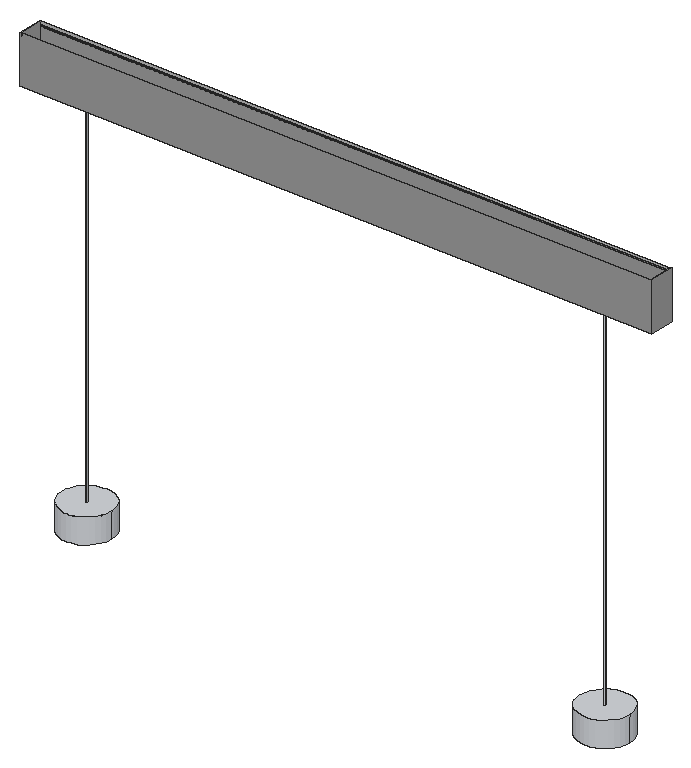
Revit family "MAG_Straight_Magnetic_Track_Profile", category Lighting Fixtures, host Face, Revit 2022
Family settings
  Host = Face
  Round Connector Dimension = Use Diameter
  Part Type = Normal
  Cut with Voids When Loaded = Yes
  Light Source = No
  Maintain Annotation Orientation = No
  Shared = No
  Room Calculation Point = No
Parameters (values of type "Magnetic Track Profile_1M_24V_Pendant Mount")
  Model = "MTS1M-24V-PMK-BK"
  Manufacturer = "Above All Lighting"  # constant formula
  Length [instance] = 3' - 3 77/128"
  Lamp = ""
  Input Voltage = "24V DC"
  Description = "Magnetic Track Profile"
  Default Elevation = 0' - 0"
  Cable Length [instance] = 3' - 11.24"
Types (4): name | Length
  (no name) | 3' - 3 77/128"
  Magnetic Track Profile_1M_24V_Pendant Mount | 3' - 3 77/128"
  Magnetic Track Profile_2M_24V_Pendant Mount | 6' - 6 77/128"
  Magnetic Track Profile_3M_24V_Pendant Mount | 9' - 10 13/128"
Reference planes (in)
  plane 1 "Center (Front/Back)": y = 0
  plane 2: z = 0
  plane 3 "Center (Left/Right)": x = 0
  plane 4: x = -19.80078
  plane 5: x = 19.80078
Forms (in)
  Extrusion 1, solid
    sketch origin (-18, 0, 0) x (1, 0, 0) y (0, 1, 0)
      loop
        circle (1.74651, 0) r 1.575
    from 0 to 1.57
  Extrusion 2, solid, material "Default"
    sketch origin (-19.6, 0, 74.24) x (0, -1, 0) y (0, 0, -1)
      loop
        line (0.77, 50.24) -> (0.33361, 50.24) -> (0.33361, 50.11361) -> (0.6281, 50.11361) -> (0.6281, 49.91276) -> (0.43711, 49.91276) -> (0.43711, 49.9719) -> (0.33361, 49.9719) -> (0.33361, 49.91276) -> (0, 49.91276) -> (-0.33361, 49.91276) -> (-0.33361, 49.9719) -> (-0.43711, 49.9719) -> (-0.43711, 49.91276) -> (-0.6281, 49.91276) -> (-0.6281, 50.11361) -> (-0.33361, 50.11361) -> (-0.33361, 50.24) -> (-0.77, 50.24) -> (-0.77, 47.24) -> (-0.66683, 47.34317) -> (-0.71119, 47.34317) -> (-0.71119, 47.44936) -> (-0.66808, 47.44936) -> (-0.66808, 49.44) -> (-0.49256, 49.44) -> (-0.49256, 49.52461) -> (-0.6281, 49.52461) -> (-0.6281, 49.5739) -> (-0.54308, 49.5739) -> (-0.47161, 49.5739) -> (-0.47161, 49.65892) -> (-0.6281, 49.65892) -> (-0.6281, 49.7883) -> (0, 49.7883) -> (0.6281, 49.7883) -> (0.6281, 49.65892) -> (0.47161, 49.65892) -> (0.47161, 49.5739) -> (0.54308, 49.5739) -> (0.6281, 49.5739) -> (0.6281, 49.52461) -> (0.49256, 49.52461) -> (0.49256, 49.44) -> (0.66808, 49.44) -> (0.66808, 47.44936) -> (0.71119, 47.44936) -> (0.71119, 47.34317) -> (0.66683, 47.34317) -> (0.77, 47.24) -> (0.77, 50.24)
    from -0.12266 to 39.32266
  Extrusion 3, void
    sketch origin (0, 0, 24.32724) x (0, -1, 0) y (1, 0, 0)
      loop
        line (0.12289, -17.62824) -> (0.12289, -17.44332)
        arc (0.12289, -17.44332) -> (-0.00211, -17.31832) -> (-0.12711, -17.44332) r 0.125
        line (-0.12711, -17.44332) -> (-0.12711, -17.62824)
        arc (-0.12711, -17.62824) -> (-0.00211, -17.75324) -> (0.12289, -17.62824) r 0.125
      loop
        arc (0.12289, 17.62824) -> (-0.00211, 17.75324) -> (-0.12711, 17.62824) r 0.125
        line (-0.12711, 17.62824) -> (-0.12711, 17.44332)
        arc (-0.12711, 17.44332) -> (-0.00211, 17.31832) -> (0.12289, 17.44332) r 0.125
        line (0.12289, 17.44332) -> (0.12289, 17.62824)
      loop
        circle (0, -18.53959) r 0.08093
      loop
        circle (0, 18.53959) r 0.08093
    from 0 to 0.12445
  Extrusion 4, solid, material "Default"
    sketch origin (0, 0, 24) x (0, -1, 0) y (1, 0, 0)
      loop
        line (0.77, -19.80078) -> (0.77, -19.72266) -> (-0.77, -19.72266) -> (-0.77, -19.80078) -> (0.77, -19.80078)
      loop
        line (0.77, 19.80078) -> (-0.77, 19.80078) -> (-0.77, 19.72266) -> (0.77, 19.72266) -> (0.77, 19.80078)
    from 0 to 3
  Extrusion 5, solid
    sketch origin (0, 0, 22.85724) x (1, 0, 0) y (0, 1, 0)
      loop
        circle (-16.24936, 0) r 0.11512
      loop
        circle (16.24936, 0) r 0.11512
    from 0.73745 to 1.47
  Extrusion 6, solid
    sketch origin (0, 0, 0) x (1, 0, 0) y (0, 1, 0)
      loop
        circle (-16.25395, 0) r 0.04538
      loop
        circle (16.25395, 0) r 0.04538
    from 1.57 to 23.5947
  Extrusion 7, solid
    sketch origin (18, 0, 0) x (-1, 0, 0) y (0, -1, 0)
      loop
        circle (1.74651, 0) r 1.575
    from 0 to 1.57
Cuts and joins
  Extrusion 3 cuts Extrusion 2
  joined: Extrusion 2, Extrusion 4
Lines and regions (in)
  reference lines
    curve 1: line (0, 0.77, 24) -> (0, 0.77, 27)
Dimensions and locks (in)
  "Length": plane 5 to plane 4
  equal spacing: plane 5, plane 3 "Center (Left/Right)", plane 4
  locked: cut or joined group of Extrusion 2, Extrusion 3, Extrusion 4 to cut or joined group of Extrusion 2, Extrusion 3, Extrusion 4 at 0.07812  (x2)
  aligned and locked: plane 2 to host face
  aligned and locked: level to host face
  aligned and locked: Extrusion 4 to cut or joined group of Extrusion 2, Extrusion 3, Extrusion 4
  aligned and locked: plane 5 to cut or joined group of Extrusion 2, Extrusion 3, Extrusion 4
  aligned and locked: cut or joined group of Extrusion 2, Extrusion 3, Extrusion 4 to cut or joined group of Extrusion 2, Extrusion 3, Extrusion 4  (x5)
  aligned and locked: plane 4 to cut or joined group of Extrusion 2, Extrusion 3, Extrusion 4
Automatic sketch dimensions
  host sketch curve to host sketch curve = 8' - 0"  (x2)
  plane 1 "Center (Front/Back)" to Extrusion 1 sketch curve = 0' - 0"
  plane 4 to Extrusion 1 sketch curve = 0' - 3.54729"
  Extrusion 2 sketch curve to plane 1 "Center (Front/Back)" = 0' - 0"  (x2)
  Extrusion 2 sketch curve to plane 1 "Center (Front/Back)" = 0' - 0.33361"
  Extrusion 2 sketch curve to Extrusion 2 sketch curve = 0' - 0"  (x5)
  Extrusion 2 sketch curve to Extrusion 2 sketch curve = 0' - 0.10351"  (x2)
  Extrusion 2 sketch curve to Extrusion 2 sketch curve = 0' - 0.0345"  (x2)
  Extrusion 2 sketch curve to Extrusion 2 sketch curve = 0' - 0.02095"  (x2)
  Extrusion 2 sketch curve to Extrusion 2 sketch curve = 0' - 0.05052"  (x2)
  Extrusion 2 sketch curve to Extrusion 2 sketch curve = 0' - 0.08502"  (x5)
  Extrusion 2 sketch curve to Extrusion 2 sketch curve = 0' - 0.19099"
  Extrusion 2 sketch curve to plane 1 "Center (Front/Back)" = 0' - 0.66683"
  Extrusion 2 sketch curve to Extrusion 2 sketch curve = 0' - 0.03998"  (x2)
  Extrusion 2 sketch curve to Extrusion 2 sketch curve = 0' - 0.0431"
  Extrusion 2 sketch curve to Extrusion 2 sketch curve = 0' - 0.05881"  (x2)
  plane 1 "Center (Front/Back)" to Extrusion 2 sketch curve = 0' - 0.33361"
  plane 1 "Center (Front/Back)" to Extrusion 2 sketch curve = 0' - 0.66683"
  Extrusion 2 sketch curve to Extrusion 2 sketch curve = 0' - 0.04435"
  Extrusion 2 sketch curve to Extrusion 2 sketch curve = 0' - 0.12639"  (x2)
  Extrusion 2 sketch curve to Extrusion 2 sketch curve = 0' - 0.1417"  (x2)
  Extrusion 2 sketch curve to Extrusion 2 sketch curve = 0' - 0.05915"  (x3)
  Extrusion 2 sketch curve to Extrusion 2 sketch curve = 0' - 0.12445"  (x2)
  Extrusion 2 sketch curve to Extrusion 2 sketch curve = 0' - 0.12938"  (x2)
  Extrusion 2 sketch curve to Extrusion 2 sketch curve = 0' - 0.04929"  (x2)
  Extrusion 2 sketch curve to Extrusion 2 sketch curve = 0' - 0.08461"  (x2)
  Extrusion 2 sketch curve to Extrusion 2 sketch curve = 0' - 1.99064"
  Extrusion 2 sketch curve to Extrusion 2 sketch curve = 0' - 0.1062"  (x2)
  Extrusion 2 sketch curve to Extrusion 2 sketch curve = 0' - 0.10317"  (x2)
  plane 1 "Center (Front/Back)" to Extrusion 3 sketch curve = 0' - 0"  (x2)
  Extrusion 3 sketch curve to plane 1 "Center (Front/Back)" = 0' - 0.00211"  (x2)
  Extrusion 3 sketch curve to Extrusion 3 sketch curve = 0' - 0 1/8"  (x2)
  plane 4 to Extrusion 3 sketch curve = 0' - 1.26119"
  Extrusion 3 sketch curve to Extrusion 3 sketch curve = 0' - 0.91135"  (x2)
  Extrusion 3 sketch curve to Extrusion 3 sketch curve = 0' - 0.18492"  (x2)
  Extrusion 3 sketch curve to plane 5 = 0' - 2.35746"
  Extrusion 4 sketch curve to plane 4 = 0' - 0"
  Extrusion 4 sketch curve to plane 5 = 0' - 0"
  Extrusion 4 sketch curve to plane 5 = 0' - 0 5/64"
  Extrusion 4 sketch curve to plane 1 "Center (Front/Back)" = 0' - 0.77"  (x2)
  plane 1 "Center (Front/Back)" to Extrusion 4 sketch curve = 0' - 0.77"  (x2)
  Extrusion 4 sketch curve to Extrusion 4 sketch curve = 0' - 0 5/64"
  plane 1 "Center (Front/Back)" to Extrusion 5 sketch curve = 0' - 0"  (x2)
  plane 4 to Extrusion 5 sketch curve = 0' - 3.55142"
  Extrusion 5 sketch curve to plane 5 = 0' - 3.55142"
  plane 1 "Center (Front/Back)" to Extrusion 6 sketch curve = 0' - 0"  (x2)
  plane 4 to Extrusion 6 sketch curve = 0' - 3.54683"
  Extrusion 6 sketch curve to plane 5 = 0' - 3.54683"
  plane 1 "Center (Front/Back)" to Extrusion 7 sketch curve = 0' - 0"
  Extrusion 7 sketch curve to plane 5 = 0' - 3.54729"
  level to Extrusion 2 sketch curve = 2' - 3"
  curve 1 to plane 1 "Center (Front/Back)" = 0' - 0.77"
  level to curve 1 = 2' - 0"
  curve 1 to curve 1 = 0' - 3"
  radius of Extrusion 1 sketch curve = 0' - 1.575"
  radius of Extrusion 3 sketch curve = 0' - 0.08093"  (x2)
  radius of Extrusion 5 sketch curve = 0' - 0.11512"  (x2)
  radius of Extrusion 6 sketch curve = 0' - 0.04538"  (x2)
  radius of Extrusion 7 sketch curve = 0' - 1.575"
